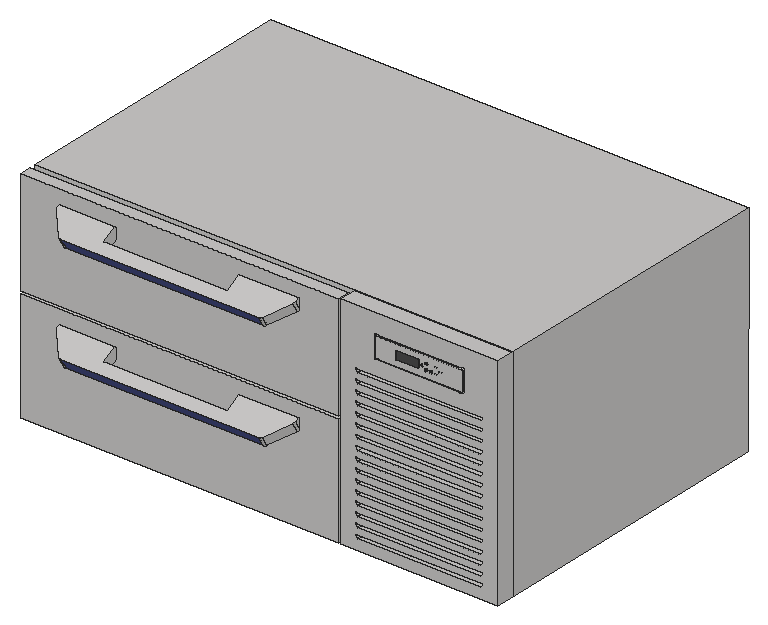
Revit family "QF_ELECTROLUXPROFESSIONAL_588719_MB6IDAKOBO", category Attrezzature speciali, Revit 2020
Family settings
  Quota connettore circolare = Usa diametro
  Tipo di parte = Normale
  Basato su piano di lavoro = No
  Sempre verticale = Sì
  Taglio con vuoti quando caricato = No
  Condiviso = No
  Punto di calcolo locali = No
Parameters (values of type "Standard")
  Weight = 145.00 kg
  Watts = 550 W
  Volts = 220 V
  URL Manufacturer = "https://www.electroluxprofessional.com/"
  URL = "https://www.electroluxprofessional.com/"
  Steam Supply Size = 0"
  Steam Supply Minimum Pressure = 0.00 psi
  Steam Supply Maximum Pressure = 0.00 psi
  Steam Consumption per Hour = 0
  Refrigeration Suction Line Size = 0 mm
  Refrigeration Liquid Line Size = 0 mm
  Refrigerant Compressor Remote = yes
  Prospetto di default = 0 mm
  Phase = 1
  Modello = "MB6IDAKOBO"
  Produttore = "Electrolux Professional"
  Length Actual = 1200 mm  # constant formula
  Item Number = "588719"
  Hot Water Size = 0"
  Height Actual = 550 mm  # constant formula
  HP = "0.7 HP"
  Gas Size = 0"
  Gas KW = 0
  Gas Input Pressure = 0.0 Btu/h
  Direct Waste Size = 0"
  Descrizione = "REF-FREEZER BASE,2DRAWERS,1SIDE,1200X850X550H - R290"
  Depth Actual = 850 mm  # constant formula
  Cycle = 50 Hz
  Condensate Return Size = 0"
  Compressed Air Volume = 0 GPM
  Compressed Air Size = 0"
  Compressed Air Pressure = 0.00 psi
  Cold Water Size = 0"
  Accessory = yes
Reference planes
  plane 1 "BACK": y = 0
  plane 2: z = 0
  plane 3 "LEFT": x = -100
  plane 4 "RIGHT": x = 1100
  plane 5 "FRONT": y = -850
  plane 6 "TOP": z = 900
  plane 7 "Center (Left/Right)": x = 500
  plane 8: y = -425
  plane 9: z = 100
  plane 10: y = -150
  plane 11 "Panel": y = -785
  plane 12: z = 798
  plane 13: x = -22
  plane 14: x = 1022
  plane 15: y = -150
  plane 16: y = -650
  plane 17 "EIx": x = 970
  plane 18 "EIy": y = -85
  plane 19: z = 650
  plane 20 "GasX": x = 870
  plane 21 "EI2x": x = 800
  plane 22: y = -45
  plane 23: y = -830
Forms (mm)
  Extrusion 1, solid, material "QF_Finishes_Stainless Steel"
    sketch origin (-488.969, -4662, 100) x (-1, 0, 0) y (0, -1, 0)
      loop
        circle (-1458.969, -4577) r 6.35
    from 0 to -11.851
  Extrusion 2, solid, material "QF_Finishes_Stainless Steel"
    sketch origin (-178.969, -4572, 100) x (-1, 0, 0) y (0, -1, 0)
      loop
        line (-78.969, -4527) -> (-78.969, -3787) -> (-1278.969, -3787) -> (-1278.969, -4527) -> (-78.969, -4527)
    from 550 to 0
  Extrusion 3, solid, material "QF_Finishes_Stainless Steel"
    sketch origin (-658.969, -4662, 100) x (-1, 0, 0) y (0, -1, 0)
      loop
        circle (-1458.969, -4577) r 6.35
    from 0 to -11.851
  Extrusion 4, solid, material "QF_Finishes_Stainless Steel"
    sketch origin (-588.969, -4662, 100) x (-1, 0, 0) y (0, -1, 0)
      loop
        circle (-1458.969, -4577) r 6.35
    from 0 to -11.851
Lines and regions (mm)
  symbolic lines, style "SpecialityEquipmentHiddenLines"
    curve 1: line (-100, -45, 100) -> (1100, -45, 100)
  symbolic lines
    curve 2: line (-100, -850, 100) -> (-100, -45, 100)
    curve 3: line (1100, -850, 100) -> (-100, -850, 100)
    curve 4: line (1100, -45, 100) -> (1100, -850, 100)
Dimensions and locks
  plane 3 "LEFT" to plane 4 "RIGHT" = 1200 mm
  locked: plane 5 "FRONT" to plane 1 "BACK" at 850
  equal spacing: plane 3 "LEFT", plane 7 "Center (Left/Right)", plane 4 "RIGHT"
  equal spacing: plane 5 "FRONT", plane 8, plane 1 "BACK"
  plane 6 "TOP" to level = 900 mm  (x2)
  plane 9 to level = 100 mm
  plane 1 "BACK" to plane 10 to plane 11 "Panel" = 150 mm, 635 mm  (x2)
  plane 6 "TOP" to plane 9 to level = 800 mm, 100 mm
  plane 1 "BACK" to Extrusion 1 = 85 mm
  plane 13 to plane 3 "LEFT" = 78 mm
  plane 14 to plane 4 "RIGHT" = 78 mm
  locked: plane 1 "BACK" to plane 15 at 150
  locked: plane 15 to plane 16 at 500
  plane 11 "Panel" to plane 5 "FRONT" = 65 mm
  locked: plane 18 "EIy" to plane 1 "BACK" at 85
  plane 19 to plane 9 = 550 mm
  locked: plane 20 "GasX" to plane 4 "RIGHT" at 230
  locked: plane 17 "EIx" to plane 4 "RIGHT" at 130
  locked: plane 21 "EI2x" to plane 4 "RIGHT" at 300
  plane 1 "BACK" to plane 5 "FRONT" = 850 mm
  locked: plane 1 "BACK" to plane 22 at 45
  plane 5 "FRONT" to plane 23 = 20 mm
  plane 11 "Panel" to plane 23 = 45 mm
  aligned and locked: level to plane 2
  aligned and locked: nested 1 to plane 4 "RIGHT"
  aligned and locked: plane 3 "LEFT" to nested 2
  aligned and locked: plane 19 to nested 1
  aligned and locked: plane 22 to Extrusion 2
  aligned and locked: plane 11 "Panel" to nested 1
  aligned and locked: Extrusion 2 to plane 11 "Panel"  (x2)
  aligned and locked: plane 11 "Panel" to nested 2
Automatic sketch dimensions
  plane 1 "BACK" to curve 1 = 45 mm
  curve 1 to plane 4 "RIGHT" = 0 mm
  curve 3 to plane 3 "LEFT" = 0 mm
  plane 5 "FRONT" to curve 3 = 0 mm
  Extrusion 1 sketch curve to plane 17 "EIx" = 0 mm
  Extrusion 1 sketch curve to plane 18 "EIy" = 0 mm
  Extrusion 2 sketch curve to plane 4 "RIGHT" = 0 mm
  Extrusion 2 sketch curve to plane 3 "LEFT" = 0 mm
  Extrusion 2 sketch curve to plane 11 "Panel" = 0 mm
  plane 18 "EIy" to Extrusion 2 sketch curve = 40 mm
  Extrusion 3 sketch curve to plane 18 "EIy" = 0 mm
  Extrusion 3 sketch curve to plane 21 "EI2x" = 0 mm
  Extrusion 4 sketch curve to plane 18 "EIy" = 0 mm
  Extrusion 4 sketch curve to plane 20 "GasX" = 0 mm
  radius of Extrusion 1 sketch curve = 6.35 mm
  radius of Extrusion 3 sketch curve = 6.35 mm
  radius of Extrusion 4 sketch curve = 6.35 mm
Nested families
  nested 1: "QF_ELECTROLUXPROFESSIONAL_REF-FREEZER-UNIT" at (836.133, -785, 394.336) x (1, 0, 0) z (0, -1, 0), type "QF_ELECTROLUXPROFESSIONAL_REF-FREEZER-UNIT"
    with Show Logo yes
  nested 2: "Drawer_W800_Ref_Freezer" at (305, -785, 0), type "Drawer_W800_Ref_Freezer"
Connectors
  electrical at (970, -85, 88.149)
    settings: on Extrusion 1, index 1, voltage 400 V, apparent load 33000 VA, apparent load phase1 0 VA, apparent load phase2 0 VA, apparent load phase3 0 VA, power factor 1, load classification "Other", number of poles 1, system type 30, power factor state 1, is connector primary yes, connector utility no, sub classification motor no, connector description "ELECTRICAL CONNECTION"
  piping at (870, -85, 88.149), diameter 12.7
    settings: on Extrusion 4, index 2, connector inside diameter 24", connector length 0 mm, flow factor 0, pipe flow 0 GPM, pressure drop 0.00 psi, fitting loss kfactor 0, connector angle 0.00°, fixture units 0, engagement length 0 mm, angle of deflection 0.00°, flow configuration 1, flow direction 1, fitting loss method 0, system type 7, joint type 0, gender type 0, connector reference index -1, connector utility 0, adjustable connector no, is connector primary yes, connector description "Gas connection"
  electrical at (800, -85, 88.149)
    settings: on Extrusion 3, index 3, voltage 0 V, apparent load 0 VA, apparent load phase1 0 VA, apparent load phase2 0 VA, apparent load phase3 0 VA, power factor 1, load classification "Other", number of poles 1, system type 30, power factor state 1, is connector primary no, connector utility no, sub classification motor no, connector description "Electrical connection"
Definition of nested family "QF_ELECTROLUXPROFESSIONAL_REF-FREEZER-UNIT"
  Parameters
    Width = 395 mm
    Show Logo [instance] = yes
    Height = 550 mm
    Depth = 45 mm
    Default Elevation = 100 mm
  Reference planes
    plane 1 "Centro (Fronte/Retro)": y = -19.336
    plane 2: z = 0
    plane 3 "Centro (Sinistra/Destra)": x = 66.367
    plane 4 "Back": y = -294.336
    plane 5 "Top": y = 255.664
    plane 6 "Left": x = -131.133
    plane 7 "Right": x = 263.867
    plane 8 "Panel": z = 45
  Forms (mm)
    Extrusion 1, solid
      sketch origin (0, 0, 0) x (1, 0, 0) y (0, 1, 0)
        loop
          line (-1219.2, 1219.2) -> (-1219.2, -1219.2) -> (1219.2, -1219.2) -> (1219.2, 1219.2) -> (-1219.2, 1219.2)
      from 0 to -304.8
    Extrusion 2, solid
      sketch origin (66.367, 0, 0) x (0, 1, 0) y (0, 0, 1)
        loop
          line (-294.336, 45) -> (-294.336, 0) -> (255.664, 0) -> (255.664, 45) -> (-294.336, 45)
      from -197.5 to 197.5
    Sweep 3, solid
      path origin (0, 0, 0) x (1, 0, 0) y (0, 1, 0)
        loop
          line (175.167, 207.994) -> (-42.833, 207.994)
          arc (-42.833, 207.994) -> (-44.954, 207.115) -> (-45.833, 204.994) r 3
          line (-45.833, 204.994) -> (-45.833, 154.894)
          arc (-45.833, 154.894) -> (-44.954, 152.772) -> (-42.833, 151.894) r 3
          line (-42.833, 151.894) -> (175.167, 151.894)
          arc (175.167, 151.894) -> (177.289, 152.772) -> (178.167, 154.894) r 3
          line (178.167, 154.894) -> (178.167, 204.994)
          arc (178.167, 204.994) -> (177.289, 207.115) -> (175.167, 207.994) r 3
      profile origin (66.167, 207.994, 0) x (0, -1, 0) y (0, 0, 1)
        loop
          line (0, 45.003) -> (2, 45.003) -> (2, 47.003)
          arc (2, 47.003) -> (0.586, 46.417) -> (0, 45.003) r 2
    Extrusion 4, solid
      sketch origin (0, 0, 45) x (-1, 0, 0) y (0, -1, 0)
        loop
          arc (42.333, -206.244) -> (43.575, -205.726) -> (44.083, -204.479) r 1.75
          line (44.083, -204.479) -> (44.083, -155.379)
          arc (44.083, -155.379) -> (43.57, -154.156) -> (42.346, -153.644) r 1.75
          line (42.346, -153.644) -> (-174.654, -153.644)
          arc (-174.654, -153.644) -> (-175.9, -154.152) -> (-176.417, -155.394) r 1.75
          line (-176.417, -155.394) -> (-176.417, -204.494)
          arc (-176.417, -204.494) -> (-175.905, -205.731) -> (-174.667, -206.244) r 1.75
          line (-174.667, -206.244) -> (42.333, -206.244)
        loop
          arc (-9.317, -170.644) -> (-9.611, -169.937) -> (-10.317, -169.644) r 1.002
          line (-10.317, -169.644) -> (-63.917, -169.644)
          arc (-63.917, -169.644) -> (-64.621, -169.935) -> (-64.917, -170.637) r 1.002
          line (-64.917, -170.637) -> (-64.917, -189.751)
          arc (-64.917, -189.751) -> (-64.621, -190.453) -> (-63.917, -190.744) r 1.002
          line (-63.917, -190.744) -> (-10.317, -190.744)
          arc (-10.317, -190.744) -> (-9.611, -190.45) -> (-9.317, -189.744) r 1.002
          line (-9.317, -189.744) -> (-9.317, -170.644)
        loop
          line (-72.717, -183.367) -> (-69.06, -177.032) -> (-76.375, -177.032) -> (-72.717, -183.367)
        loop
          circle (-84.616, -187.247) r 3.169
        loop
          circle (-84.616, -173.141) r 3.169
        loop
          line (-93.382, -170.679) -> (-99.425, -170.679) -> (-99.425, -175.679) -> (-93.382, -175.679) -> (-93.382, -170.679)
        loop
          line (-106.292, -171.416) -> (-108.401, -170.022) -> (-110.543, -171.427) -> (-110.543, -173.081) -> (-108.414, -171.678) -> (-106.292, -173.081) -> (-106.292, -171.416)
        loop
          line (-106.172, -187.306) -> (-108.366, -188.753) -> (-110.527, -187.306) -> (-110.527, -189.011) -> (-108.366, -190.44) -> (-106.172, -189) -> (-106.172, -187.306)
        loop
          line (-117.509, -181.558) -> (-117.509, -179.018) -> (-122.899, -179.018) -> (-122.899, -181.558) -> (-117.509, -181.558)
      from 0 to 2.003
    Extrusion 5, solid
      sketch origin (0, 0, 45) x (-1, 0, 0) y (0, -1, 0)
        loop
          arc (-64.917, -189.751) -> (-64.621, -190.453) -> (-63.915, -190.744) r 1.002
          line (-63.915, -190.744) -> (-10.319, -190.744)
          arc (-10.319, -190.744) -> (-9.611, -190.45) -> (-9.317, -189.742) r 1.002
          line (-9.317, -189.742) -> (-9.317, -170.646)
          arc (-9.317, -170.646) -> (-9.611, -169.937) -> (-10.319, -169.644) r 1.002
          line (-10.319, -169.644) -> (-63.917, -169.644)
          arc (-63.917, -169.644) -> (-64.621, -169.935) -> (-64.917, -170.637) r 1.002
          line (-64.917, -170.637) -> (-64.917, -189.751)
      from 0 to 2.003
    Extrusion 6, solid
      sketch origin (0, 0, 45) x (-1, 0, 0) y (0, -1, 0)
        loop
          line (-69.06, -177.032) -> (-76.375, -177.032) -> (-72.717, -183.367) -> (-69.06, -177.032)
        loop
          circle (-84.616, -187.247) r 3.169
        loop
          circle (-84.616, -173.141) r 3.169
        loop
          line (-99.425, -170.679) -> (-99.425, -175.679) -> (-93.382, -175.679) -> (-93.382, -170.679) -> (-99.425, -170.679)
        loop
          line (-108.401, -170.022) -> (-110.543, -171.427) -> (-110.543, -173.081) -> (-108.414, -171.678) -> (-106.292, -173.081) -> (-106.292, -171.416) -> (-108.401, -170.022)
        loop
          line (-122.899, -179.018) -> (-122.899, -181.558) -> (-117.509, -181.558) -> (-117.509, -179.018) -> (-122.899, -179.018)
        loop
          line (-108.366, -188.753) -> (-110.527, -187.306) -> (-110.527, -189.011) -> (-108.366, -190.44) -> (-106.172, -189) -> (-106.172, -187.306) -> (-108.366, -188.753)
      from 0 to 2
    Extrusion 7, void
      sketch origin (0, 0, 45) x (-1, 0, 0) y (0, -1, 0)
        loop
          line (93.805, -115.164) -> (88.954, -105.485) -> (-221.688, -105.485) -> (-226.538, -115.164) -> (93.805, -115.164)
        loop
          line (93.805, -90.163) -> (88.954, -80.484) -> (-221.688, -80.484) -> (-226.538, -90.163) -> (93.805, -90.163)
        loop
          line (93.805, -65.163) -> (88.954, -55.485) -> (-221.688, -55.485) -> (-226.538, -65.163) -> (93.805, -65.163)
        loop
          line (93.805, -40.164) -> (88.954, -30.485) -> (-221.688, -30.485) -> (-226.538, -40.164) -> (93.805, -40.164)
        loop
          line (93.805, -15.163) -> (88.954, -5.484) -> (-221.688, -5.484) -> (-226.538, -15.163) -> (93.805, -15.163)
        loop
          line (93.805, 9.837) -> (88.954, 19.516) -> (-221.688, 19.516) -> (-226.538, 9.837) -> (93.805, 9.837)
        loop
          line (93.805, 34.836) -> (88.954, 44.515) -> (-221.688, 44.515) -> (-226.538, 34.836) -> (93.805, 34.836)
        loop
          line (93.805, 59.837) -> (88.954, 69.516) -> (-221.688, 69.516) -> (-226.538, 59.837) -> (93.805, 59.837)
        loop
          line (93.805, 84.837) -> (88.954, 94.515) -> (-221.688, 94.515) -> (-226.538, 84.837) -> (93.805, 84.837)
        loop
          line (93.805, 109.836) -> (88.954, 119.515) -> (-221.688, 119.515) -> (-226.538, 109.836) -> (93.805, 109.836)
        loop
          line (93.805, 134.837) -> (88.954, 144.516) -> (-221.688, 144.516) -> (-226.538, 134.837) -> (93.805, 134.837)
        loop
          line (93.805, 159.837) -> (88.954, 169.515) -> (-221.688, 169.515) -> (-226.538, 159.837) -> (93.805, 159.837)
        loop
          line (93.805, 184.837) -> (88.954, 194.515) -> (-221.688, 194.515) -> (-226.538, 184.837) -> (93.805, 184.837)
        loop
          line (93.805, 209.837) -> (88.954, 219.516) -> (-221.688, 219.516) -> (-226.538, 209.837) -> (93.805, 209.837)
        loop
          line (93.805, 234.837) -> (88.954, 244.515) -> (-221.688, 244.515) -> (-226.538, 234.837) -> (93.805, 234.837)
        loop
          line (93.805, 259.836) -> (88.954, 269.515) -> (-221.688, 269.515) -> (-226.538, 259.836) -> (93.805, 259.836)
      from 11.086 to -14.08
  Cuts and joins
    Extrusion 7 cuts Extrusion 2
  Lines and regions (mm)
    symbolic lines
      curve 1: line (-131.133, -294.336, 0) -> (-131.133, -294.336, 45)
  Dimensions and locks
    "Height": plane 5 "Top" to plane 4 "Back"
    equal spacing: plane 5 "Top", plane 1 "Centro (Fronte/Retro)", plane 4 "Back"
    "Width": plane 6 "Left" to plane 7 "Right"
    equal spacing: plane 6 "Left", plane 3 "Centro (Sinistra/Destra)", plane 7 "Right"
    plane 8 "Panel" to level = 45 mm
    aligned and locked: plane 2 to Extrusion 1
    aligned and locked: level to Extrusion 1
    aligned and locked: plane 5 "Top" to Extrusion 2 sketch curve
    aligned and locked: Extrusion 2 sketch curve to plane 4 "Back"
    aligned and locked: Extrusion 2 sketch curve to plane 8 "Panel"
    aligned and locked: Extrusion 2 sketch curve to Extrusion 1
  Automatic sketch dimensions
    Extrusion 1 sketch curve to Extrusion 1 sketch curve = 2438.4 mm  (x2)
    plane 6 "Left" to Sweep 3 sketch curve = 88.301 mm
    Sweep 3 sketch curve to plane 5 "Top" = 50.67 mm
    Sweep 3 sketch curve to Sweep 3 sketch curve = 3 mm  (x4)
    Sweep 3 sketch curve to plane 7 "Right" = 88.699 mm
    Sweep 3 sketch curve to Sweep 3 sketch curve = 50.1 mm
    Sweep 3 sketch curve to Sweep 3 sketch curve = 0 mm  (x2)
    Sweep 3 sketch curve to profile plane = 2 mm
    level to Sweep 3 sketch curve = 45.003 mm
    Sweep 3 sketch curve to profile plane = 0 mm
    Extrusion 5 sketch curve to plane 3 "Centro (Sinistra/Destra)" = 1.449 mm
    Extrusion 5 sketch curve to Extrusion 5 sketch curve = 1.002 mm  (x4)
    Extrusion 5 sketch curve to Extrusion 5 sketch curve = 0 mm  (x9)
    Extrusion 5 sketch curve to Extrusion 5 sketch curve = 53.596 mm
    Extrusion 5 sketch curve to plane 5 "Top" = 64.92 mm
    Extrusion 5 sketch curve to Extrusion 5 sketch curve = 0.993 mm
    Extrusion 5 sketch curve to Extrusion 5 sketch curve = 0.009 mm  (x2)
    Extrusion 5 sketch curve to Extrusion 5 sketch curve = 19.096 mm  (x2)
    Extrusion 5 sketch curve to Extrusion 5 sketch curve = 0.03 mm
    Extrusion 5 sketch curve to Extrusion 5 sketch curve = 0.028 mm
    Extrusion 4 sketch curve to plane 7 "Right" = 89.199 mm
    Extrusion 4 sketch curve to Extrusion 4 sketch curve = 0 mm  (x24)
    Extrusion 4 sketch curve to Extrusion 4 sketch curve = 0.013 mm  (x3)
    plane 3 "Centro (Sinistra/Destra)" to Extrusion 4 sketch curve = 56.533 mm
    Extrusion 4 sketch curve to Extrusion 4 sketch curve = 5.391 mm
    Extrusion 4 sketch curve to Extrusion 4 sketch curve = 6.966 mm
    Extrusion 4 sketch curve to Extrusion 4 sketch curve = 6.982 mm
    Extrusion 4 sketch curve to Extrusion 4 sketch curve = 2.129 mm
    Extrusion 4 sketch curve to Extrusion 4 sketch curve = 2.16 mm
    Extrusion 4 sketch curve to Extrusion 4 sketch curve = 2.122 mm
    Extrusion 4 sketch curve to Extrusion 4 sketch curve = 2.194 mm
    Extrusion 4 sketch curve to Extrusion 4 sketch curve = 6.867 mm
    Extrusion 4 sketch curve to Extrusion 4 sketch curve = 6.043 mm
    Extrusion 4 sketch curve to Extrusion 4 sketch curve = 8.767 mm  (x2)
    Extrusion 4 sketch curve to Extrusion 4 sketch curve = 8.241 mm
    plane 3 "Centro (Sinistra/Destra)" to Extrusion 4 sketch curve = 6.351 mm
    plane 3 "Centro (Sinistra/Destra)" to Extrusion 4 sketch curve = 2.693 mm
    Extrusion 4 sketch curve to plane 3 "Centro (Sinistra/Destra)" = 1.449 mm
    Extrusion 4 sketch curve to Extrusion 4 sketch curve = 1.002 mm  (x4)
    Extrusion 4 sketch curve to Extrusion 4 sketch curve = 53.596 mm
    Extrusion 4 sketch curve to Extrusion 4 sketch curve = 52.652 mm
    Extrusion 4 sketch curve to Extrusion 4 sketch curve = 1.75 mm  (x2)
    Extrusion 4 sketch curve to plane 5 "Top" = 51.17 mm  (x2)
    Extrusion 4 sketch curve to Extrusion 4 sketch curve = 0.015 mm  (x2)
    Extrusion 4 sketch curve to plane 5 "Top" = 65.223 mm
    Extrusion 4 sketch curve to Extrusion 4 sketch curve = 0.69 mm
    Extrusion 4 sketch curve to Extrusion 4 sketch curve = 0.009 mm  (x2)
    Extrusion 4 sketch curve to Extrusion 4 sketch curve = 1.429 mm
    Extrusion 4 sketch curve to Extrusion 4 sketch curve = 1.44 mm
    Extrusion 4 sketch curve to Extrusion 4 sketch curve = 1.687 mm
    Extrusion 4 sketch curve to Extrusion 4 sketch curve = 1.694 mm
    Extrusion 4 sketch curve to Extrusion 4 sketch curve = 1.706 mm
    Extrusion 4 sketch curve to Extrusion 4 sketch curve = 2.504 mm
    Extrusion 4 sketch curve to Extrusion 4 sketch curve = 6.383 mm
    Extrusion 4 sketch curve to Extrusion 4 sketch curve = 5.748 mm
    Extrusion 4 sketch curve to Extrusion 4 sketch curve = 2.539 mm
    Extrusion 4 sketch curve to Extrusion 4 sketch curve = 6.335 mm
    Extrusion 4 sketch curve to Extrusion 4 sketch curve = 11.568 mm
    Extrusion 4 sketch curve to Extrusion 4 sketch curve = 3.891 mm
    Extrusion 4 sketch curve to Extrusion 4 sketch curve = 5.937 mm
    Extrusion 4 sketch curve to Extrusion 4 sketch curve = 1.404 mm
    Extrusion 4 sketch curve to Extrusion 4 sketch curve = 1.654 mm
    Extrusion 4 sketch curve to Extrusion 4 sketch curve = 1.665 mm
    Extrusion 4 sketch curve to Extrusion 4 sketch curve = 5 mm
    Extrusion 4 sketch curve to Extrusion 4 sketch curve = 6.386 mm
    Extrusion 4 sketch curve to Extrusion 4 sketch curve = 19.096 mm
    Extrusion 4 sketch curve to Extrusion 4 sketch curve = 1.656 mm
    Extrusion 4 sketch curve to Extrusion 4 sketch curve = 49.1 mm  (x2)
    Extrusion 4 sketch curve to Extrusion 4 sketch curve = 0.002 mm  (x5)
    plane 3 "Centro (Sinistra/Destra)" to Extrusion 6 sketch curve = 56.533 mm
    Extrusion 6 sketch curve to Extrusion 6 sketch curve = 5.391 mm
    Extrusion 6 sketch curve to Extrusion 6 sketch curve = 6.966 mm
    Extrusion 6 sketch curve to Extrusion 6 sketch curve = 6.982 mm
    Extrusion 6 sketch curve to Extrusion 6 sketch curve = 2.129 mm
    Extrusion 6 sketch curve to Extrusion 6 sketch curve = 0.013 mm
    Extrusion 6 sketch curve to Extrusion 6 sketch curve = 2.16 mm
    Extrusion 6 sketch curve to Extrusion 6 sketch curve = 0 mm  (x2)
    Extrusion 6 sketch curve to Extrusion 6 sketch curve = 2.122 mm
    Extrusion 6 sketch curve to Extrusion 6 sketch curve = 2.194 mm
    Extrusion 6 sketch curve to Extrusion 6 sketch curve = 6.867 mm
    Extrusion 6 sketch curve to Extrusion 6 sketch curve = 6.043 mm
    Extrusion 6 sketch curve to Extrusion 6 sketch curve = 8.767 mm  (x2)
    Extrusion 6 sketch curve to Extrusion 6 sketch curve = 8.241 mm
    plane 3 "Centro (Sinistra/Destra)" to Extrusion 6 sketch curve = 6.351 mm
    plane 3 "Centro (Sinistra/Destra)" to Extrusion 6 sketch curve = 2.693 mm
    Extrusion 6 sketch curve to plane 5 "Top" = 65.223 mm
    Extrusion 6 sketch curve to Extrusion 6 sketch curve = 1.429 mm
    Extrusion 6 sketch curve to Extrusion 6 sketch curve = 1.44 mm
    Extrusion 6 sketch curve to Extrusion 6 sketch curve = 1.687 mm
    Extrusion 6 sketch curve to Extrusion 6 sketch curve = 1.706 mm
    Extrusion 6 sketch curve to Extrusion 6 sketch curve = 1.694 mm
    Extrusion 6 sketch curve to Extrusion 6 sketch curve = 0.059 mm
    Extrusion 6 sketch curve to Extrusion 6 sketch curve = 3.88 mm
    Extrusion 6 sketch curve to Extrusion 6 sketch curve = 5.748 mm
    Extrusion 6 sketch curve to Extrusion 6 sketch curve = 2.539 mm
    Extrusion 6 sketch curve to Extrusion 6 sketch curve = 6.335 mm
    Extrusion 6 sketch curve to Extrusion 6 sketch curve = 11.568 mm
    Extrusion 6 sketch curve to Extrusion 6 sketch curve = 3.891 mm
    Extrusion 6 sketch curve to Extrusion 6 sketch curve = 5.937 mm
    Extrusion 6 sketch curve to Extrusion 6 sketch curve = 1.404 mm
    Extrusion 6 sketch curve to Extrusion 6 sketch curve = 1.654 mm
    Extrusion 6 sketch curve to Extrusion 6 sketch curve = 1.665 mm
    Extrusion 6 sketch curve to Extrusion 6 sketch curve = 5 mm
    Extrusion 6 sketch curve to Extrusion 6 sketch curve = 1.656 mm
    Extrusion 7 sketch curve to plane 7 "Right" = 37.328 mm  (x2)
    Extrusion 7 sketch curve to Extrusion 7 sketch curve = 0 mm  (x25)
    plane 1 "Centro (Fronte/Retro)" to Extrusion 7 sketch curve = 15.5 mm
    Extrusion 7 sketch curve to plane 1 "Centro (Fronte/Retro)" = 9.5 mm
    Extrusion 7 sketch curve to Extrusion 7 sketch curve = 4.851 mm  (x32)
    plane 1 "Centro (Fronte/Retro)" to Extrusion 7 sketch curve = 0.179 mm
    plane 6 "Left" to Extrusion 7 sketch curve = 42.179 mm  (x5)
    Extrusion 7 sketch curve to Extrusion 7 sketch curve = 15.321 mm  (x14)
    Extrusion 7 sketch curve to Extrusion 7 sketch curve = 9.679 mm  (x15)
    curve 1 to plane 6 "Left" = 0 mm
    curve 1 to level = 0 mm
    curve 1 to plane 8 "Panel" = 0 mm
    radius of Extrusion 4 sketch curve = 3.169 mm  (x2)
    radius of Extrusion 6 sketch curve = 3.169 mm  (x2)
Definition of nested family "Drawer_W800_Ref_Freezer"
  Parameters
    Width = 800 mm
    Default Elevation = 0 mm
    Foro = 310 mm
    BordoCassetto = 60 mm
    BordoBattuta = 36 mm
  Reference planes
    plane 1 "Ref. Level": z = 0
    plane 2 "Center (Left/Right)": x = -5
    plane 3 "Left": x = -405
    plane 4 "Right": x = 395
    plane 5 "Top": z = 650
    plane 6 "Base": z = 100
    plane 7: z = 380
    plane 8 "BaseUp": z = 385
    plane 9 "ManopolaLow": through (-6096, -70.559, 332.255) normal (0, -0.515, 0.8572)
    plane 10 "ManopolaUp2": through (-6096, -614.412, 604.849) normal (0, -0.515, 0.8572)
    plane 11 "ManopolaLow2": through (-6096, -616.076, 332.255) normal (0, -0.515, 0.8572)
    plane 12: y = -640
    plane 13: y = -655
    plane 14 "ManopolaUp": through (-6096, -70.559, 602.255) normal (0, -0.515, 0.8572)
    plane 15: y = -15
    plane 16: y = -60
    plane 17: y = 840
    plane 18: x = -285
    plane 19: x = 275
    plane 20: x = -369
    plane 21: x = 359
    plane 22: x = -160
    plane 23: x = 150
  Forms (mm)
    Extrusion 1, solid
      sketch origin (-5, 84, 0) x (0, 1, 0) y (0, 0, 1)
        loop
          line (-129.03, 650) -> (-129.03, 385) -> (-99, 385) -> (-99, 650) -> (-129.03, 650)
      from -400 to 400
    Extrusion 2, solid
      sketch origin (-5, 84, -270) x (0, 1, 0) y (0, 0, 1)
        loop
          line (-129.03, 650) -> (-129.03, 370) -> (-99, 370) -> (-99, 650) -> (-129.03, 650)
      from -400 to 400
    Extrusion 3, solid, detail levels coarse
      sketch origin (-5, -464.17, -270) x (0, 1, 0) y (0, 0, 1)
        loop
          line (-129.03, 650) -> (-129.03, 370) -> (-101.83, 370) -> (-101.83, 650) -> (-129.03, 650)
      from -400 to 400
    Extrusion 4, solid, detail levels coarse
      sketch origin (-5, -464.17, 15) x (0, 1, 0) y (0, 0, 1)
        loop
          line (-129.03, 635) -> (-129.03, 370) -> (-101.83, 370) -> (-101.83, 635) -> (-129.03, 635)
      from -400 to 400
    Extrusion 5, solid, detail levels coarse
      sketch origin (0, 0, 100) x (-1, 0, 0) y (0, -1, 0)
        loop
          line (-359, 566) -> (-359, 553) -> (-328, 553) -> (-328, 60) -> (338, 60) -> (338, 553) -> (369, 553) -> (369, 566) -> (-359, 566)
      from 246 to 22
    Extrusion 6, solid, detail levels coarse
      sketch origin (0, 0, 385) x (0, 1, 0) y (-1, 0, 0)
        loop
          line (-566, -359) -> (-553, -359) -> (-553, -275) -> (-60, -275) -> (-60, 285) -> (-553, 285) -> (-553, 369) -> (-566, 369) -> (-566, -359)
      from 22 to 230
    Extrusion 7, solid
      sketch origin (0, 104.5, 100) x (-1, 0, 0) y (0, -1, 0)
        loop
          line (285, 119.5) -> (-275, 119.5) -> (-275, 104) -> (285, 104) -> (285, 119.5)
      from 22 to 246
    Extrusion 8, solid
      sketch origin (0, 104.5, 385) x (0, 1, 0) y (-1, 0, 0)
        loop
          line (-119.5, 285) -> (-119.5, -275) -> (-104.5, -275) -> (-104.5, 285) -> (-119.5, 285)
      from 22 to 230
  Lines and regions (mm)
    symbolic lines
      curve 1: line (-405, -149.043, 0) -> (-405, -514.03, 0)
      curve 2: line (395, -514.03, 0) -> (395, -149.03, 0)
      curve 3: line (-405, -655, 0) -> (-405, -689.743, 0)
      curve 4: line (275, -106.83, 0) -> (275, -553, 0)
      curve 5: line (395, -689.743, 0) -> (395, -690, 0)
      curve 6: line (359, -553, 0) -> (275, -553, 0)
      curve 7: line (359, -566, 0) -> (359, -553, 0)
      curve 8: line (-316, -553, 0) -> (-316, -566, 0)
      curve 9: line (-285, -553, 0) -> (-316, -553, 0)
      curve 10: line (-285, -60, 0) -> (-285, -553, 0)
      curve 11: line (395, -566, 0) -> (-405, -566, 0)
      curve 12: line (-405, -566, 0) -> (-405, -605.1, 0)
      curve 13: line (395, -566, 0) -> (395, -605.1, 0)
      curve 14: line (-405, -593.2, 0) -> (395, -593.2, 0)
  Dimensions and locks
    plane 6 "Base" to plane 5 "Top" = 550 mm
    plane 6 "Base" to level = 100 mm
    plane 6 "Base" to plane 7 = 280 mm
    plane 5 "Top" to plane 8 "BaseUp" = 265 mm
    plane 8 "BaseUp" to plane 7 = 5 mm
    "Width": plane 4 "Right" to plane 3 "Left"
    equal spacing: plane 4 "Right", plane 2 "Center (Left/Right)", plane 3 "Left"
    plane 17 to plane 13 = 1495 mm
    plane 17 to plane 15 = 855 mm
    plane 15 to plane 16 = 45 mm
    locked: plane 18 to plane 3 "Left" at 120
    locked: plane 19 to plane 4 "Right" at 120
    "Foro": plane 22 to plane 23
    plane 22 to nested 4 to plane 23 = 155 mm, 155 mm
    "BordoBattuta": plane 21 to plane 4 "Right"
    "BordoBattuta": plane 20 to plane 3 "Left"
    aligned and locked: Extrusion 6 to plane 18
    aligned and locked: Extrusion 4 to plane 3 "Left"
    aligned and locked: Extrusion 1 to plane 3 "Left"
    aligned and locked: Extrusion 4 to plane 4 "Right"
    aligned and locked: Extrusion 1 to plane 4 "Right"
    aligned and locked: Extrusion 3 to plane 4 "Right"
    aligned and locked: Extrusion 3 to plane 3 "Left"
    aligned and locked: Extrusion 2 to plane 3 "Left"
    aligned and locked: Extrusion 2 to plane 4 "Right"
    aligned and locked: Extrusion 6 to plane 20
    aligned and locked: Extrusion 5 to plane 20
    aligned and locked: Extrusion 6 to plane 21
    aligned and locked: Extrusion 5 to plane 21
    aligned and locked: plane 19 to Extrusion 6
    aligned and locked: curve 7 to plane 21
    aligned and locked: curve 10 to Extrusion 6
    aligned and locked: curve 4 to Extrusion 6
    aligned and locked: plane 2 "Center (Left/Right)" to nested 3
    aligned and locked: nested 4 to nested 3
    aligned and locked: plane 2 "Center (Left/Right)" to nested 2
  Automatic sketch dimensions
    Extrusion 1 sketch curve to plane 8 "BaseUp" = 0 mm
    Extrusion 1 sketch curve to plane 5 "Top" = 0 mm
    Extrusion 1 sketch curve to plane 15 = 0 mm
    plane 16 to Extrusion 1 sketch curve = 14.97 mm
    plane 6 "Base" to Extrusion 2 sketch curve = 0 mm
    Extrusion 2 sketch curve to plane 7 = 0 mm
    Extrusion 2 sketch curve to plane 15 = 0 mm
    plane 16 to Extrusion 2 sketch curve = 14.97 mm
    plane 6 "Base" to Extrusion 3 sketch curve = 0 mm
    Extrusion 3 sketch curve to plane 7 = 0 mm
    Extrusion 3 sketch curve to plane 12 = 46.8 mm
    Extrusion 3 sketch curve to Extrusion 3 sketch curve = 27.2 mm
    Extrusion 4 sketch curve to plane 8 "BaseUp" = 0 mm
    Extrusion 4 sketch curve to plane 5 "Top" = 0 mm
    Extrusion 4 sketch curve to plane 12 = 46.8 mm
    Extrusion 4 sketch curve to Extrusion 4 sketch curve = 27.2 mm
    Extrusion 5 sketch curve to plane 16 = 0 mm
    plane 4 "Right" to Extrusion 5 sketch curve = 36 mm
    Extrusion 5 sketch curve to Extrusion 5 sketch curve = 31 mm  (x2)
    plane 3 "Left" to Extrusion 5 sketch curve = 67 mm
    Extrusion 5 sketch curve to plane 12 = 87 mm  (x2)
    Extrusion 5 sketch curve to Extrusion 5 sketch curve = 13 mm
    Extrusion 6 sketch curve to plane 16 = 0 mm
    Extrusion 6 sketch curve to plane 12 = 87 mm  (x2)
    Extrusion 6 sketch curve to Extrusion 6 sketch curve = 13 mm
    plane 4 "Right" to Extrusion 6 sketch curve = 36 mm
    Extrusion 6 sketch curve to Extrusion 6 sketch curve = 84 mm  (x2)
    plane 3 "Left" to Extrusion 6 sketch curve = 120 mm
    Extrusion 7 sketch curve to plane 15 = 0 mm
    plane 4 "Right" to Extrusion 7 sketch curve = 120 mm
    plane 3 "Left" to Extrusion 7 sketch curve = 120 mm
    Extrusion 7 sketch curve to Extrusion 7 sketch curve = 15.5 mm
    Extrusion 8 sketch curve to plane 15 = 0 mm
    Extrusion 8 sketch curve to Extrusion 8 sketch curve = 15 mm
    plane 4 "Right" to Extrusion 8 sketch curve = 120 mm
    plane 3 "Left" to Extrusion 8 sketch curve = 120 mm
    curve 1 to plane 3 "Left" = 0 mm
    curve 14 to plane 3 "Left" = 0 mm
    curve 3 to plane 3 "Left" = 0 mm
    curve 5 to plane 4 "Right" = 0 mm
    curve 2 to plane 4 "Right" = 0 mm
    curve 13 to plane 4 "Right" = 0 mm
    curve 3 to plane 13 = 0 mm
    curve 10 to plane 16 = 0 mm
    curve 9 to plane 18 = 31 mm
    curve 11 to plane 12 = 74 mm
    curve 7 to curve 7 = 13 mm
    curve 8 to curve 9 = 13 mm
    curve 3 to curve 3 = 34.743 mm
    curve 5 to plane 13 = 34.743 mm
    curve 5 to curve 5 = 0.257 mm
    curve 13 to plane 12 = 34.9 mm
    curve 12 to plane 12 = 34.9 mm
    curve 12 to curve 14 = 11.9 mm
    curve 11 to curve 1 = 51.97 mm
    curve 11 to curve 2 = 51.97 mm
    curve 1 to plane 16 = 89.043 mm
    curve 2 to plane 16 = 89.03 mm
    curve 4 to plane 16 = 46.83 mm
  Nested families
    nested 1: "Maniglia600" at (0, -20, -9.834), type "Maniglia600"
    nested 2: "Maniglia600" at (0, -20, -279.834), type "Maniglia600"
    nested 3: "Maniglia600_Clearence" at (0, -568.17, -9.834), type "Maniglia600_Clearence"
    nested 4: "Maniglia600_Clearence" at (0, -568.17, -281.429), type "Maniglia600_Clearence"
  Definition of nested family "Maniglia600"
    Parameters
      Width = 600 mm
      Default Elevation = 0 mm
    Reference planes
      plane 1 "Center (Front/Back)": y = 0
      plane 2 "Ref. Level": z = 0
      plane 3 "Center (Left/Right)": x = -5
      plane 4: x = -305
      plane 5: x = 295
      plane 6 "Manopola": through (-6096, -50.059, 612.389) normal (0, -0.515, 0.8572)
      plane 7 "Top": z = 650
      plane 8: z = 265
      plane 9: z = 200
    Forms (mm)
      Extrusion 1, solid
        sketch origin (0, -283.633, 472.044) x (0, 0.857167, 0.515038) y (-1, 0, 0)
          loop
            line (299.12, -295) -> (299.12, 305) -> (290.982, 305)
            arc (290.982, 305) -> (286.677, 304.026) -> (283.211, 301.293) r 10
            line (283.211, 301.293) -> (233.28, 260.86)
            arc (233.28, 260.86) -> (230.548, 257.394) -> (229.574, 253.089) r 10
            line (229.574, 253.089) -> (229.574, -243.089)
            arc (229.574, -243.089) -> (230.548, -247.394) -> (233.28, -250.86) r 10
            line (233.28, -250.86) -> (283.211, -291.293)
            arc (283.211, -291.293) -> (286.677, -294.026) -> (290.982, -295) r 10
            line (290.982, -295) -> (299.12, -295)
        from -27 to 0
      Extrusion 2, void
        sketch origin (-5, 0, 0) x (0, 1, 0) y (0, 0, 1)
          loop
            line (-61.514, 605.507) -> (-47.608, 582.363) -> (-25.03, 595.93) -> (-25.03, 627.429) -> (-61.514, 605.507)
        from -160 to 150
      Extrusion 3, void
        sketch origin (-5, 0, 0) x (0, 1, 0) y (0, 0, 1)
          loop
            line (-25.03, 595.93) -> (-13.331, 602.959) -> (-25.03, 622.429) -> (-25.03, 595.93)
        from -300 to 300
    Cuts and joins
      Extrusion 2, Extrusion 3 cuts Extrusion 1
    Lines and regions (mm)
      symbolic lines
        curve 1: line (-297.355, -45.043, 0) -> (-260.86, -83.673, 0)
        curve 2: line (-253.089, -86.85, 0) -> (243.089, -86.85, 0)
        curve 3: line (250.86, -83.673, 0) -> (287.355, -45.043, 0)
        curve 4: arc (-253.089, -86.85, 0) -> (-257.318, -86.101, 0) -> (-260.86, -83.673, 0) r 10.165
        curve 5: arc (243.089, -86.85, 0) -> (247.318, -86.101, 0) -> (250.86, -83.673, 0) r 10.165
    Dimensions and locks
      plane 9 to level = 200 mm
      plane 8 to plane 9 = 65 mm
      plane 8 to plane 7 "Top" = 385 mm
      plane 7 "Top" to plane 9 = 450 mm
      "Width": plane 4 to plane 5
      equal spacing: plane 4, plane 3 "Center (Left/Right)", plane 5
      aligned and locked: Extrusion 3 to Extrusion 1
      aligned and locked: Extrusion 1 to Extrusion 3
    Automatic sketch dimensions
      plane 4 to curve 1 = 44.14 mm
      curve 4 to curve 4 = 7.389 mm
      curve 1 to curve 2 = 7.771 mm
      plane 5 to curve 2 = 51.911 mm
      curve 2 to curve 5 = 0.382 mm
      curve 2 to curve 3 = 7.771 mm
      plane 1 "Center (Front/Back)" to curve 2 = 86.85 mm
      curve 2 to curve 3 = 3.177 mm
      curve 4 to curve 1 = 3.177 mm
      plane 4 to curve 1 = 7.645 mm
      plane 5 to curve 3 = 7.645 mm
      plane 1 "Center (Front/Back)" to curve 1 = 45.043 mm
      plane 1 "Center (Front/Back)" to curve 3 = 45.043 mm
      Extrusion 1 sketch curve to plane 5 = 0 mm
      Extrusion 1 sketch curve to plane 4 = 0 mm
      plane 4 to Extrusion 1 sketch curve = 51.911 mm
      plane 5 to Extrusion 1 sketch curve = 44.14 mm
      Extrusion 1 sketch curve to Extrusion 1 sketch curve = 3.707 mm  (x2)
      plane 4 to Extrusion 1 sketch curve = 44.14 mm
      Extrusion 1 sketch curve to Extrusion 1 sketch curve = 6.293 mm
      plane 5 to Extrusion 1 sketch curve = 3.707 mm
      Extrusion 1 sketch curve to Extrusion 1 sketch curve = 49.93 mm  (x2)
      plane 4 to Extrusion 1 sketch curve = 3.707 mm
      Extrusion 1 sketch curve to Extrusion 1 sketch curve = 7.771 mm
      plane 4 to Extrusion 1 sketch curve = 10 mm
      Extrusion 1 sketch curve to Extrusion 1 sketch curve = 8.138 mm
      Extrusion 2 sketch curve to plane 6 "Manopola" = 0 mm  (x2)
      Extrusion 2 sketch curve to plane 7 "Top" = 44.493 mm
      Extrusion 2 sketch curve to Extrusion 2 sketch curve = 13.906 mm
      plane 1 "Center (Front/Back)" to Extrusion 2 sketch curve = 25.03 mm
      Extrusion 3 sketch curve to plane 7 "Top" = 27.571 mm
      plane 1 "Center (Front/Back)" to Extrusion 3 sketch curve = 13.331 mm
      Extrusion 3 sketch curve to Extrusion 3 sketch curve = 19.47 mm
      Extrusion 3 sketch curve to Extrusion 3 sketch curve = 7.029 mm
  Definition of nested family "Maniglia600_Clearence"
    Parameters
      Width = 600 mm
      Default Elevation = 0 mm
    Reference planes
      plane 1 "Center (Front/Back)": y = 0
      plane 2 "Ref. Level": z = 0
      plane 3 "Center (Left/Right)": x = -5
      plane 4: x = -305
      plane 5: x = 295
      plane 6 "Manopola": through (-6096, -50.059, 612.389) normal (0, -0.515, 0.8572)
      plane 7 "Top": z = 650
      plane 8: z = 265
      plane 9: z = 200
    Forms (mm)
      Extrusion 1, solid, detail levels coarse
        sketch origin (0, -283.633, 472.044) x (0, 0.857167, 0.515038) y (-1, 0, 0)
          loop
            line (299.12, -295) -> (299.12, 305) -> (290.982, 305)
            arc (290.982, 305) -> (286.677, 304.026) -> (283.211, 301.293) r 10
            line (283.211, 301.293) -> (233.28, 260.86)
            arc (233.28, 260.86) -> (230.548, 257.394) -> (229.574, 253.089) r 10
            line (229.574, 253.089) -> (229.574, -243.089)
            arc (229.574, -243.089) -> (230.548, -247.394) -> (233.28, -250.86) r 10
            line (233.28, -250.86) -> (283.211, -291.293)
            arc (283.211, -291.293) -> (286.677, -294.026) -> (290.982, -295) r 10
            line (290.982, -295) -> (299.12, -295)
        from -27 to 0
      Extrusion 2, void
        sketch origin (-5, 0, 0) x (0, 1, 0) y (0, 0, 1)
          loop
            line (-61.514, 605.507) -> (-47.608, 582.363) -> (-25.03, 595.93) -> (-25.03, 627.429) -> (-61.514, 605.507)
        from -160 to 150
      Extrusion 3, void
        sketch origin (-5, 0, 0) x (0, 1, 0) y (0, 0, 1)
          loop
            line (-25.03, 595.93) -> (-13.331, 602.959) -> (-25.03, 622.429) -> (-25.03, 595.93)
        from -300 to 300
    Cuts and joins
      Extrusion 2, Extrusion 3 cuts Extrusion 1
    Lines and regions (mm)
      symbolic lines
        curve 1: line (-303.91, -38.104, 0) -> (-260.86, -83.673, 0)
        curve 2: line (-253.089, -86.85, 0) -> (243.089, -86.85, 0)
        curve 3: line (250.86, -83.673, 0) -> (291.293, -40.874, 0)
        curve 4: arc (-253.089, -86.85, 0) -> (-257.318, -86.101, 0) -> (-260.86, -83.673, 0) r 10.165
        curve 5: arc (243.089, -86.85, 0) -> (247.318, -86.101, 0) -> (250.86, -83.673, 0) r 10.165
        curve 6: spline (-305, -34.212, 0) -> (-304.973, -34.848, 0) -> (-304.89, -35.479, 0) -> (-304.753, -36.104, 0) -> (-304.563, -36.719, 0) -> (-304.32, -37.319, 0) -> (-304.026, -37.903, 0) -> (-303.682, -38.466, 0) -> (-303.29, -39.006, 0) -> (-302.853, -39.519, 0) -> (-302.373, -40.003, 0) -> (-301.852, -40.456, 0) -> (-301.293, -40.874, 0)
        curve 7: line (-305, -25.03, 0) -> (-305, -34.212, 0)
        curve 8: line (-305, -25.03, 0) -> (-165, -25.03, 0)
        curve 9: line (-165, -25.03, 0) -> (-165, -61.514, 0)
        curve 10: line (295, -34.212, 0) -> (295, -25.03, 0)
        curve 11: spline (291.293, -40.874, 0) -> (291.852, -40.456, 0) -> (292.373, -40.003, 0) -> (292.853, -39.519, 0) -> (293.29, -39.006, 0) -> (293.682, -38.466, 0) -> (294.026, -37.903, 0) -> (294.32, -37.319, 0) -> (294.563, -36.719, 0) -> (294.753, -36.104, 0) -> (294.89, -35.479, 0) -> (294.973, -34.848, 0) -> (295, -34.212, 0)
        curve 12: line (145, -25.03, 0) -> (145, -61.514, 0)
        curve 13: line (145, -61.514, 0) -> (-165, -61.514, 0)
        curve 14: line (145, -25.03, 0) -> (295, -25.03, 0)
    Dimensions and locks
      plane 9 to level = 200 mm
      plane 8 to plane 9 = 65 mm
      plane 8 to plane 7 "Top" = 385 mm
      plane 7 "Top" to plane 9 = 450 mm
      "Width": plane 4 to plane 5
      equal spacing: plane 4, plane 3 "Center (Left/Right)", plane 5
      aligned and locked: Extrusion 3 to Extrusion 1
      aligned and locked: Extrusion 1 to Extrusion 3
    Automatic sketch dimensions
      Extrusion 1 sketch curve to plane 5 = 0 mm
      Extrusion 1 sketch curve to plane 4 = 0 mm
      plane 4 to Extrusion 1 sketch curve = 51.911 mm
      plane 5 to Extrusion 1 sketch curve = 44.14 mm
      Extrusion 1 sketch curve to Extrusion 1 sketch curve = 3.707 mm  (x2)
      plane 4 to Extrusion 1 sketch curve = 44.14 mm
      Extrusion 1 sketch curve to Extrusion 1 sketch curve = 6.293 mm
      plane 5 to Extrusion 1 sketch curve = 3.707 mm
      Extrusion 1 sketch curve to Extrusion 1 sketch curve = 49.93 mm  (x2)
      plane 4 to Extrusion 1 sketch curve = 3.707 mm
      Extrusion 1 sketch curve to Extrusion 1 sketch curve = 7.771 mm
      plane 4 to Extrusion 1 sketch curve = 10 mm
      Extrusion 1 sketch curve to Extrusion 1 sketch curve = 8.138 mm
      Extrusion 2 sketch curve to plane 6 "Manopola" = 0 mm  (x2)
      Extrusion 2 sketch curve to plane 7 "Top" = 44.493 mm
      Extrusion 2 sketch curve to Extrusion 2 sketch curve = 13.906 mm
      plane 1 "Center (Front/Back)" to Extrusion 2 sketch curve = 25.03 mm
      Extrusion 3 sketch curve to plane 7 "Top" = 27.571 mm
      plane 1 "Center (Front/Back)" to Extrusion 3 sketch curve = 13.331 mm
      Extrusion 3 sketch curve to Extrusion 3 sketch curve = 19.47 mm
      Extrusion 3 sketch curve to Extrusion 3 sketch curve = 7.029 mm
      curve 8 to plane 4 = 0 mm
      curve 10 to plane 5 = 0 mm
      plane 4 to curve 1 = 44.14 mm
      curve 1 to curve 4 = 7.389 mm
      curve 1 to curve 2 = 7.771 mm
      plane 5 to curve 2 = 51.911 mm
      curve 5 to curve 5 = 0.382 mm
      curve 5 to curve 3 = 7.771 mm
      plane 5 to curve 3 = 3.707 mm
      plane 1 "Center (Front/Back)" to curve 2 = 86.85 mm
      curve 5 to curve 3 = 3.177 mm
      curve 2 to curve 1 = 3.177 mm
      plane 1 "Center (Front/Back)" to curve 3 = 40.874 mm
      plane 1 "Center (Front/Back)" to curve 7 = 34.212 mm
      curve 3 to curve 10 = 6.661 mm
      curve 11 to curve 14 = 9.183 mm
      plane 4 to curve 1 = 1.09 mm
      plane 4 to curve 6 = 3.707 mm
      curve 6 to curve 6 = 6.293 mm
      curve 4 to curve 9 = 88.471 mm
      curve 12 to curve 5 = 98.471 mm
      curve 11 to curve 11 = 16.293 mm
      curve 13 to curve 9 = 36.484 mm
      plane 1 "Center (Front/Back)" to curve 13 = 61.514 mm
